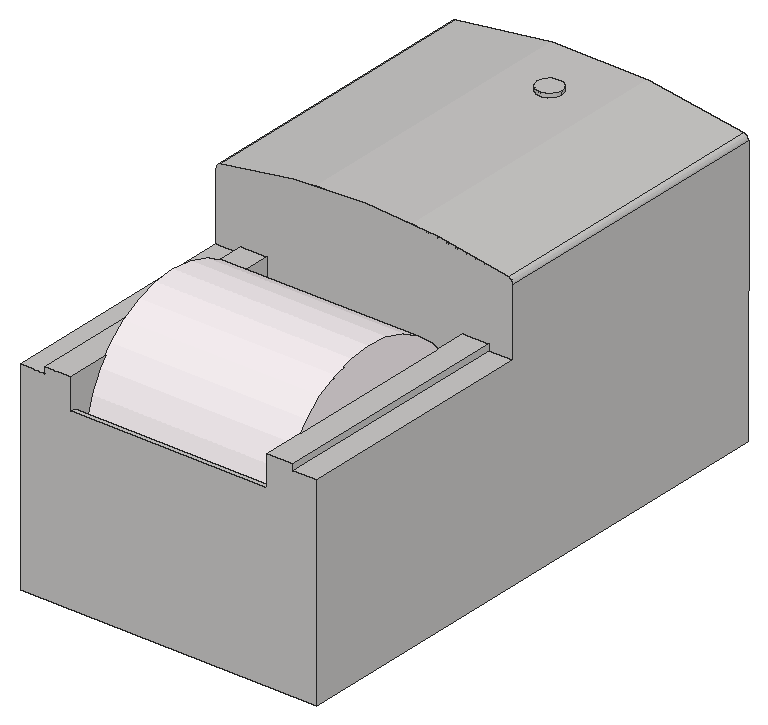
Revit family
Parameters (values of type "B-4288")
  offset [instance] = 0' - 0"
  Warranty Duration (Years) = 0
  Unit Width = 0' - 6 1/16"
  Unit Height = 0' - 11"
  Unit Depth = 0' - 5 15/16"
  URL = "http://www.bobrick.com/Pages/default.aspx"
  Specification = ""
  SpecWizard = ""
  Send Message = "http://www.arcat.com/users.pl?action=UserEmail&company=Bobrick+Washroom+Equipment,+Inc.&coid=30988&rep=156&fax=818-503-1930&mf="
  Sales Information = "http://www.bobrick.com/Pages/ContactUs.aspx"
  Revision = "R1_10-2012"
  Product Properties = ""
  Product Data = "http://arcat.com/arcatcos/cos30/arc30988.html?isac=1&r=1"
  Mounting Height [instance] = 2' - 4"
  Model = "B-4288"
  Manufacturer Website = "http://www.bobrick.com/Pages/default.aspx"
  Manufacturer Phone - Toll Free = ""
  Manufacturer Phone = "818-764-1000"
  Manufacturer Fax = "818-503-1930"
  Manufacturer Address = "11611 Hart St. North Hollywood, CA 91605-5882"
  Manufacturer = "Bobrick Washroom Equipment, Inc."
  Maintenance Schedule (Months) = 0
  Keynote = "102813"
  Installation-Fabrication = "http://www.bobrick.com/washroomaccessories/Pages/WashroomAccessories.aspx"
  Installation Phase = ""
  Green Building-LEED = ""
  Finish Material = Stainless Steel - Bobrick - Satin
  Expected Lifespan (Years) = 0
  Drawn By = "Sumex Design, Inc. / Robert S. Weygant, CSI, CDT, SCIP"
  Description = "Bobrick B-4288 Contura Series Surface Mounted Multi-roll Toilet Tissue Dispenser"
  Default Elevation = 4' - 0"
  Copyright = "©Arcat Inc."
  Construction Details = ""
  Capacity = "2 Standard-core Toilet Tissue Rolls up to 5-1/4\" Diameter"
  Assembly Code = "E1090900"
  Accessory Material = Tissue - Bobrick - White
Reference planes (in)
  plane 1 "Center (Front/Back)": y = -12.08517
  plane 2 "Bottom": z = 0
  plane 3 "Center (Left/Right)": x = 0
  plane 4 "Front": y = -17.58517
  plane 5 "Back": y = -6.58517
  plane 6 "Left": x = -3.03125
  plane 7 "Right": x = 3.03125
  plane 8 "Top": z = 5.9375
  plane 9: x = -2.53125
  plane 10: x = 2.53125
  plane 11 "FF": y = -34.58517
Forms (in)
  Extrusion 1, solid, material "Stainless Steel - Bobrick - Satin" <- "Finish Material"
    sketch origin (0, 0, 0) x (0, 1, 0) y (0, 0, 1)
      loop
        line (-17.58517, 0) -> (-6.58517, 0) -> (-6.58517, 5.9375) -> (-12.58517, 5.9375) -> (-12.58517, 4.125) -> (-17.58517, 4.125) -> (-17.58517, 0)
    from -3.03125 to 3.03125
  Extrusion 2, void
    sketch origin (0, 0, 0) x (0, 1, 0) y (0, 0, 1)
      loop
        line (-17.48357, 0.25) -> (-12.58517, 0.25) -> (-12.58517, 4.5) -> (-17.48357, 4.5) -> (-17.48357, 0.25)
    from -2.53125 to 2.53125
  Extrusion 3, solid, material "Tissue - Bobrick - White" <- "Accessory Material"
    sketch origin (0, -0.25, 0) x (0, 1, 0) y (0, 0, 1)
      loop
        circle (-14.72377, 2.83084) r 2.25
      loop
        circle (-14.72377, 2.83084) r 0.5
    from -2 to 2
  Extrusion 4, solid, material "Stainless Steel - Bobrick - Satin" <- "Finish Material"
    sketch origin (0, 0, 0) x (1, 0, 0) y (0, 1, 0)
      loop
        line (-2.53125, -17.58517) -> (-2, -17.58517) -> (-2, -12.08517) -> (-2.53125, -12.08517) -> (-2.53125, -17.58517)
      loop
        line (2.53125, -17.58517) -> (2.53125, -12.08517) -> (2, -12.08517) -> (2, -17.58517) -> (2.53125, -17.58517)
    from 0 to 4.25
  Extrusion 5, solid, material "Stainless Steel - Bobrick - Satin" <- "Finish Material"
    sketch origin (0, 0, 0) x (1, 0, 0) y (0, 1, 0)
      loop
        circle (0, -7.86927) r 0.25
    from 5.9375 to 6.00694
  Extrusion 6, void
    sketch origin (0, 0, 0) x (1, 0, 0) y (0, 1, 0)
      loop
        line (2, -17.48357) -> (-2.00004, -17.48357) -> (-2.00004, -17.58517) -> (2, -17.58517) -> (2, -17.48357)
    from 3.625 to 4.25
  Extrusion 7, void
    sketch origin (0, -12.08517, 0) x (1, 0, 0) y (0, 0, 1)
      loop
        arc (-2.93301, 5.61992) -> (0, 5.9375) -> (2.93301, 5.61992) r 13.70285
        arc (2.93301, 5.61992) -> (3.00364, 5.57618) -> (3.03125, 5.49782) r 0.125
        line (3.03125, 5.49782) -> (3.03125, 6.09802) -> (-3.03125, 6.09802) -> (-3.03125, 5.49782)
        arc (-3.03125, 5.49782) -> (-3.00364, 5.57618) -> (-2.93301, 5.61992) r 0.125
    from -5.5 to 5.5
Cuts and joins
  Extrusion 2, Extrusion 6, Extrusion 7 cuts Extrusion 1
  Extrusion 6, Extrusion 7 cuts Extrusion 4
  joined: Extrusion 1, Extrusion 4
Lines and regions (in)
  model lines
    curve 1: line (-3.03406, -6.58227, 5.24079) -> (3.03406, -6.58227, 5.24079)
    curve 2: line (-3.03406, -12.58517, 5.24079) -> (-3.03406, -6.58227, 5.24079)
    curve 3: line (3.03406, -12.08807, 5.24079) -> (-3.03406, -12.08807, 5.24079)
    curve 4: line (3.03406, -6.58227, 5.24079) -> (3.03406, -12.58517, 5.24079)
    curve 5: line (-3.03406, -6.58227, 3.625) -> (3.03125, -6.58227, 3.625)
    curve 6: line (-3.03406, -17.58517, 3.625) -> (-3.03406, -6.58227, 3.625)
    curve 7: line (3.03125, -17.58517, 3.625) -> (-3.03406, -17.58517, 3.625)
    curve 8: line (3.03125, -6.58227, 3.625) -> (3.03125, -17.58517, 3.625)
Dimensions and locks (in)
  equal spacing: plane 6 "Left", plane 3 "Center (Left/Right)", plane 7 "Right"
  "Unit Width": plane 6 "Left" to plane 7 "Right"
  equal spacing: plane 5 "Back", plane 1 "Center (Front/Back)", plane 4 "Front"
  "Unit Height": plane 5 "Back" to plane 4 "Front"
  "Unit Depth": plane 8 "Top" to level
  locked: plane 9 to plane 6 "Left" at 0.5
  locked: plane 10 to plane 7 "Right" at 0.5
  "Mounting Height": plane 5 "Back" to plane 11 "FF"
  aligned and locked: Extrusion 1 to plane 6 "Left"
  aligned and locked: plane 7 "Right" to Extrusion 1
  aligned and locked: cut or joined group of Extrusion 1, Extrusion 2, Extrusion 4, Extrusion 6, Extrusion 7 to plane 9
  aligned and locked: cut or joined group of Extrusion 1, Extrusion 2, Extrusion 4, Extrusion 6, Extrusion 7 to plane 10
  aligned and locked: Extrusion 5 to plane 8 "Top"
  aligned and locked: plane 5 "Back" to Extrusion 7
  aligned and locked: Extrusion 7 to plane 4 "Front"
Automatic sketch dimensions
  Extrusion 3 sketch curve to Extrusion 3 sketch curve = 0' - 0"  (x2)
  plane 4 "Front" to Extrusion 3 sketch curve = 0' - 2.6114"
  level to Extrusion 3 sketch curve = 0' - 2.83084"
  Extrusion 5 sketch curve to plane 3 "Center (Left/Right)" = 0' - 0"
  Extrusion 5 sketch curve to plane 5 "Back" = 0' - 1.2841"
  curve 7 to plane 4 "Front" = 0' - 0"
  curve 7 to plane 7 "Right" = 0' - 0"
  curve 5 to plane 6 "Left" = 0' - 0.00281"
  plane 5 "Back" to curve 6 = 0' - 0.0029"
  Extrusion 6 sketch curve to plane 4 "Front" = 0' - 0"
  plane 4 "Front" to Extrusion 6 sketch curve = 0' - 0.1016"
  plane 9 to Extrusion 6 sketch curve = 0' - 0.53121"
  plane 10 to Extrusion 6 sketch curve = 0' - 0 17/32"
  Extrusion 1 sketch curve to plane 4 "Front" = 0' - 0"
  Extrusion 1 sketch curve to plane 8 "Top" = 0' - 0"
  Extrusion 1 sketch curve to level = 0' - 0"
  Extrusion 1 sketch curve to plane 5 "Back" = 0' - 0"
  plane 1 "Center (Front/Back)" to Extrusion 1 sketch curve = 0' - 0 1/2"
  Extrusion 1 sketch curve to plane 8 "Top" = 0' - 1 13/16"
  plane 4 "Front" to Extrusion 2 sketch curve = 0' - 0.1016"
  level to Extrusion 2 sketch curve = 0' - 0 1/4"
  Extrusion 2 sketch curve to Extrusion 2 sketch curve = 0' - 4 1/4"
  plane 1 "Center (Front/Back)" to Extrusion 2 sketch curve = 0' - 0 1/2"
  Extrusion 4 sketch curve to plane 1 "Center (Front/Back)" = 0' - 0"  (x2)
  Extrusion 4 sketch curve to plane 9 = 0' - 0"
  Extrusion 4 sketch curve to plane 4 "Front" = 0' - 0"  (x2)
  Extrusion 4 sketch curve to plane 10 = 0' - 0"
  plane 9 to Extrusion 4 sketch curve = 0' - 0 17/32"
  plane 10 to Extrusion 4 sketch curve = 0' - 0 17/32"
  Extrusion 7 sketch curve to plane 6 "Left" = 0' - 0"  (x2)
  Extrusion 7 sketch curve to plane 3 "Center (Left/Right)" = 0' - 0"
  Extrusion 7 sketch curve to plane 7 "Right" = 0' - 0"  (x2)
  plane 6 "Left" to Extrusion 7 sketch curve = 0' - 0.09824"
  Extrusion 7 sketch curve to Extrusion 7 sketch curve = 0' - 0"  (x3)
  plane 6 "Left" to Extrusion 7 sketch curve = 0' - 0 1/8"
  Extrusion 7 sketch curve to Extrusion 7 sketch curve = 0' - 0 1/8"
  Extrusion 7 sketch curve to plane 7 "Right" = 0' - 0.09824"
  Extrusion 7 sketch curve to level = 0' - 7.76535"
  plane 8 "Top" to Extrusion 7 sketch curve = 0' - 0.16052"
  curve 2 to plane 6 "Left" = 0' - 0.00281"
  plane 7 "Right" to curve 3 = 0' - 0.00281"
  plane 1 "Center (Front/Back)" to curve 2 = 0' - 0 1/2"
  plane 1 "Center (Front/Back)" to curve 4 = 0' - 0 1/2"
  plane 1 "Center (Front/Back)" to curve 3 = 0' - 0.0029"
  plane 5 "Back" to curve 2 = 0' - 0.0029"
  radius of Extrusion 3 sketch curve = 0' - 2 1/4"
  radius of Extrusion 3 sketch curve = 0' - 0 1/2"
  radius of Extrusion 5 sketch curve = 0' - 0 1/4"
